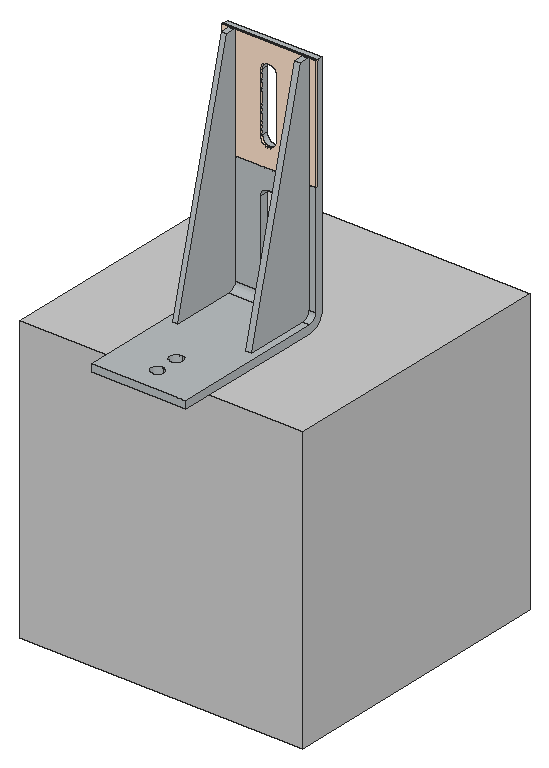
Revit family "REC-MPA02", category Structural Connections, host Face, Revit 2024
Family settings
  Host = Face
  Material for Model Behavior = Steel
  Enable Cutting in Views = Yes
  Cut with Voids When Loaded = Yes
  Shared = No
Parameters (values of type "MPA02")
  Visible = yes
  URL_Product_(Producto) = ""
  URL_DataSheet_(FichaTecnica) = ""
  URL_CE_Marking_(MarcadoCE) = ""
  Type IFC Predefined Type = "Brackets"
  Type Comments = ""
  URL = "https://recense.com/"
  Model = "MPA02"
  Manufacturer = "RECENSE"
  Keynote_ESP = "Sistema de sustentación de paneles prefabricados de hormigón sobre soporte horizontal para transmitir tanto cargas verticales (hasta 35 KN) como horizontales (hasta 8 KN)."
  Keynote = "Supporting system of precast concrete panels on horizontal support to transmit both vertical loads (up to 35 KN) and horizontal loads (up to 8 KN)."
  IFCExportType = Classification.Uniclass.Pr.Description  # "Brackets"
  IFCExportAs = "IfcElementAssembly"
  Fecha de Creacion: = "01/03/2024"
  Fecha Ultima Revision: = "01/03/2024"
  Export Type to IFC As = "IfcElementAssembly"
  Description_ESP = "Ménsula de panel modelo 2"
  Description = "Panel corbel model.2"
  Default Elevation = 0.0 mm
  Creado por: = "Deliprogal SL"
  Cost = 0
  Classification.Uniclass.Ss.Number = ""
  Classification.Uniclass.Ss.Description = ""
  Classification.Uniclass.Pr.Number = "Pr_20_85_09"
  Classification.Uniclass.Pr.Description = "Brackets"
  Classification.Uniclass.EF.Number = ""
  Classification.Uniclass.EF.Description = ""
  Classification.Space.Number = ""
  Classification.Space.Description = ""
  Classification.Facility.Number = ""
  Classification.Facility.Description = ""
  Assembly Code = ""
Reference planes
  plane 1 "Center (Front/Back)": y = 0
  plane 2: z = 0
  plane 3 "Center (Left/Right)": x = 0
Forms (mm)
  Extrusion 1, solid, material "REC_Base"
    sketch origin (0, -719.2, 0) x (1, 0, 0) y (0, 1, 0)
      loop
        line (-150, 869.2) -> (-150, 569.2) -> (150, 569.2) -> (150, 869.2) -> (-150, 869.2)
    from 0 to -300
  Extrusion 2, solid, material "REC_Acero, S 275JR (Zincado)"
    sketch origin (-50, -180, 0) x (0, 1, 0) y (0, 0, 1)
      loop
        line (0, 8) -> (0, 0) -> (164, 0)
        arc (164, 0) -> (175.314, 4.686) -> (180, 16) r 16
        line (180, 16) -> (180, 255) -> (174, 255) -> (174, 135) -> (172, 135) -> (172, 16)
        arc (172, 16) -> (169.657, 10.343) -> (164, 8) r 8
        line (164, 8) -> (0, 8)
    from 0 to 100
  Extrusion 3, solid, material "REC_Acero, S 275JR (Zincado)"
    sketch origin (-50, -180, 0) x (0, 1, 0) y (0, 0, 1)
      loop
        line (97.01, 8) -> (168, 8) -> (172, 11.99) -> (172, 255) -> (162.01, 255) -> (97.01, 8)
    from 8 to 14
  Extrusion 4, void
    sketch origin (-50, -180, 0) x (0, 0, 1) y (1, 0, 0)
      loop
        line (226.5, 58.508) -> (163.5, 58.508)
        arc (163.5, 58.508) -> (155, 50.008) -> (163.5, 41.508) r 8.5
        line (163.5, 41.508) -> (226.5, 41.508)
        arc (226.5, 41.508) -> (235, 50.008) -> (226.5, 58.508) r 8.5
      loop
        line (106.5, 58.508) -> (43.5, 58.508)
        arc (43.5, 58.508) -> (35, 50.008) -> (43.5, 41.508) r 8.5
        line (43.5, 41.508) -> (106.5, 41.508)
        arc (106.5, 41.508) -> (115, 50.008) -> (106.5, 58.508) r 8.5
    from 172 to 180
  Extrusion 5, solid, material "REC_Denteado"
    sketch origin (-50, -180, 0) x (0, 1, 0) y (0, 0, 1)
      loop
        line (174, 255) -> (172, 255) -> (172, 135) -> (174, 135) -> (174, 255)
    from 0 to 100
  Extrusion 6, solid, material "REC_Acero, S 275JR (Zincado)"
    sketch origin (50, -180, 0) x (0, 1, 0) y (0, 0, -1)
      loop
        line (97.01, -8) -> (162.01, -255) -> (172, -255) -> (172, -11.99) -> (168, -8) -> (97.01, -8)
    from 8 to 14
  Extrusion 7, void
    sketch origin (-50, -135, 8) x (1, 0, 0) y (0, 1, 0)
      loop
        circle (50, -20) r 7
    from -8 to 0
  Extrusion 8, void
    sketch origin (-50, -110, 8) x (1, 0, 0) y (0, 1, 0)
      loop
        circle (50, -20) r 7
    from -8 to 0
Cuts and joins
  Extrusion 4 cuts Extrusion 5
  Extrusion 4, Extrusion 7, Extrusion 8 cuts Extrusion 2
  joined: Extrusion 2, Extrusion 3, Extrusion 6
Dimensions and locks
  aligned and locked: plane 2 to Extrusion 1
  aligned and locked: level to Extrusion 1
